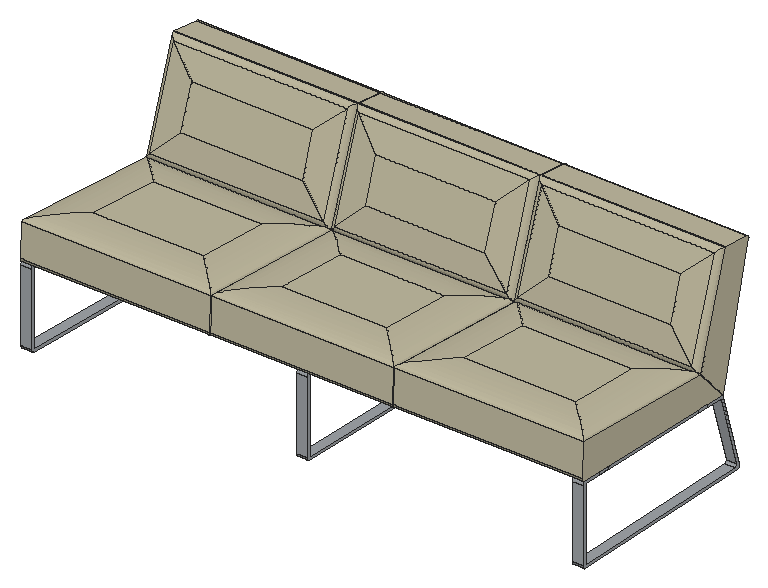
Revit family
Parameters
  URL = "http://www.martinbrattrud.com"
  SCS Certified Product = "Yes"
  Model = "Serif 530-80"
  Manufacturer = "Martin Brattrud, Inc."
  Keynote = "125000"
  Copyright = "© 2013 Martin Brattrud, Inc."
  Chair [instance] = none
  Arms [instance] = none
  Authoring Version = "Revit Architecture 2010"
  Assembly Code = "E2020200"
Reference planes (in)
  plane 1 "Center Front/Back": y = 0
  plane 2: z = 0
  plane 3 "Center Left/Right": x = 0
  plane 4 "seattop": through (0, -14.39489, 16.25041) normal (0, -0.0506, -0.9987)
Forms (in)
  Extrusion 1, solid, material <- "Arms"
    sketch origin (0, 0, 0) x (0, 1, 0) y (0, 0, 1)
      loop
        line (8.33058, 10.8183) -> (6.83085, 10.84679) -> (6.82362, 10.46894) -> (8.32334, 10.44022) -> (8.33058, 10.8183)
      loop
        line (-9.8957, 11.16446) -> (-11.39543, 11.19294) -> (-11.40261, 10.81747) -> (-9.90289, 10.78876) -> (-9.8957, 11.16446)
    from -39.02767 to 40
  Extrusion 2, solid, material <- "Chair"
    sketch origin (0, 0, 0) x (0, 1, 0) y (0, 0, 1)
      loop
        line (15.6877, 29.02419) -> (11.81326, 29.36315) -> (7.1417, 15.15946) -> (11.33004, 10.76134) -> (15.94697, 28.65756)
        arc (15.94697, 28.65756) -> (15.90229, 28.90095) -> (15.6877, 29.02419) r 0.29424
    from -40 to -13
  Extrusion 3, solid, material <- "Chair"
    sketch origin (0, 0, 0) x (0, 1, 0) y (0, 0, 1)
      loop
        line (11.33004, 10.76134) -> (7.1417, 15.15946) -> (-14.39489, 16.25041) -> (-14.59173, 11.63759)
        arc (-14.59173, 11.63759) -> (-14.49028, 11.36473) -> (-14.22419, 11.24667) r 0.375
        line (-14.22419, 11.24667) -> (11.33004, 10.76134)
    from -42.0209 to -13.00089
  Sweep 4, solid, material <- "Chair"
    path in 3D
      loop
        line (-40.04345, -14.39489, 16.25041) -> (-39.41499, 7.1417, 15.15946) -> (-13.00089, 7.1417, 15.15946) -> (-13.00089, -14.39489, 16.25041) -> (-40.04345, -14.39489, 16.25041)
    profile origin (-26.52217, -14.39489, 16.25041) x (0, -0.042634, -0.999091) y (0, -0.999091, 0.042634)
      loop
        spline (0.00025, -0.03124) -> (-0.13005, -0.07829) -> (-0.25739, -0.21883) -> (-0.37959, -0.45044) -> (-0.49456, -0.76916) -> (-0.60031, -1.16953) -> (-0.69505, -1.64466) -> (-0.77714, -2.18643) -> (-0.84518, -2.78555) -> (-0.898, -3.43173) -> (-0.9347, -4.11391) -> (-0.95464, -4.82038) -> (-0.95749, -5.53904)
        line (-0.95749, -5.53904) -> (-0.92164, -10.0389) -> (0.07991, -10.03092) -> (0.00025, -0.03124)
  Sweep 5, solid, material <- "Chair"
    path in 3D
      loop
        line (-39.2465, 11.81326, 29.36315) -> (-39.38282, 7.1417, 15.15946) -> (-13, 7.1417, 15.15946) -> (-13, 11.81326, 29.36315) -> (-39.2465, 11.81326, 29.36315)
    profile origin (-26.12325, 11.81326, 29.36315) x (0, -0.312433, -0.94994) y (0, -0.94994, 0.312433)
      loop
        line (0.03213, 0) -> (4.494, 0) -> (4.494, 1.13082)
        arc (4.494, 1.13082) -> (2.64167, 1.03773) -> (0.80801, 0.7594) r 18.47556
        arc (0.80801, 0.7594) -> (0.30805, 0.49416) -> (0.03213, 0) r 1
  Extrusion 6, solid, material <- "Chair"
    sketch origin (-15.03217, 0.78423, 15.4815) x (0, -0.998719, 0.050591) y (-1, 0, 0)
      loop
        line (3.66562, 7.99996) -> (5.16734, 7.99996) -> (5.16734, 14.97277) -> (3.66562, 14.92901) -> (3.66562, 7.99996)
    from -1.00158 to 0
  Extrusion 7, solid, material <- "Chair"
    sketch origin (-15.03217, 1.73815, -0.57167) x (0, -0.312433, -0.94994) y (-1, 0, 0)
      loop
        line (-27.09008, 2.46183) -> (-21.12588, 2.46183) -> (-21.12588, 19.81549) -> (-27.09008, 19.76111) -> (-27.09008, 2.46183)
    from -0.9127 to 0.21812
  Extrusion 8, void
    sketch origin (0, 0, 0) x (1, 0, 0) y (0, 1, 0)
      loop
        line (-40.13655, -18.68777) -> (-39.02767, 19.31223) -> (-43.65293, 19.31223) -> (-43.65293, -18.68777) -> (-40.13655, -18.68777)
      loop
        line (40.18766, -18.68777) -> (43.70404, -18.68777) -> (43.70404, 19.31223) -> (39.07878, 19.31223) -> (40.18766, -18.68777)
    from 8.87704 to 31.05989
  Extrusion 9, solid, material <- "Chair"
    sketch origin (0, 0, 0) x (0, 1, 0) y (0, 0, -1)
      loop
        arc (15.6877, -29.02419) -> (15.90229, -28.90095) -> (15.94697, -28.65756) r 0.29424
        line (15.94697, -28.65756) -> (11.33004, -10.76134) -> (7.1417, -15.15946) -> (11.81326, -29.36315) -> (15.6877, -29.02419)
    from -40 to -13
  Extrusion 10, solid, material <- "Chair"
    sketch origin (0, 0, 0) x (0, 1, 0) y (0, 0, -1)
      loop
        line (11.33004, -10.76134) -> (-14.22419, -11.24667)
        arc (-14.22419, -11.24667) -> (-14.49028, -11.36473) -> (-14.59173, -11.63759) r 0.375
        line (-14.59173, -11.63759) -> (-14.39489, -16.25041) -> (7.1417, -15.15946) -> (11.33004, -10.76134)
    from -40.6667 to -13.00089
  Sweep 11, solid, material <- "Chair"
    path in 3D
      loop
        line (40.09456, -14.39489, 16.25041) -> (39.4661, 7.1417, 15.15946) -> (13.00089, 7.1417, 15.15946) -> (13.00089, -14.39489, 16.25041) -> (40.09456, -14.39489, 16.25041)
    profile origin (26.54772, -14.39489, 16.25041) x (0, 0.042634, 0.999091) y (0, -0.999091, 0.042634)
      loop
        line (-0.00025, -0.03124) -> (-0.07991, -10.03092) -> (0.92164, -10.0389) -> (0.95749, -5.53904)
        spline (0.95749, -5.53904) -> (0.95464, -4.82038) -> (0.9347, -4.11391) -> (0.898, -3.43173) -> (0.84518, -2.78555) -> (0.77714, -2.18643) -> (0.69505, -1.64466) -> (0.60031, -1.16953) -> (0.49456, -0.76916) -> (0.37959, -0.45044) -> (0.25739, -0.21883) -> (0.13005, -0.07829) -> (-0.00025, -0.03124)
  Sweep 12, solid, material <- "Chair"
    path in 3D
      loop
        line (39.29761, 11.81326, 29.36315) -> (39.43393, 7.1417, 15.15946) -> (13, 7.1417, 15.15946) -> (13, 11.81326, 29.36315) -> (39.29761, 11.81326, 29.36315)
    profile origin (26.14881, 11.81326, 29.36315) x (0, 0.312433, 0.94994) y (0, -0.94994, 0.312433)
      loop
        arc (-0.03213, 0) -> (-0.30805, 0.49416) -> (-0.80801, 0.7594) r 1
        arc (-0.80801, 0.7594) -> (-2.64167, 1.03773) -> (-4.494, 1.13082) r 18.47556
        line (-4.494, 1.13082) -> (-4.494, 0) -> (-0.03213, 0)
  Extrusion 13, solid, material <- "Chair"
    sketch origin (15.03217, 0.78423, 15.4815) x (0, -0.998719, 0.050591) y (-1, 0, 0)
      loop
        line (3.66562, -7.99996) -> (3.66562, -14.68606) -> (5.16734, -14.72982) -> (5.16734, -7.99996) -> (3.66562, -7.99996)
    from -1.00158 to 0
  Extrusion 14, solid, material <- "Chair"
    sketch origin (15.03217, 1.73815, -0.57167) x (0, -0.312433, -0.94994) y (-1, 0, 0)
      loop
        line (-27.09008, -2.46183) -> (-27.09008, -19.81223) -> (-21.12588, -19.8666) -> (-21.12588, -2.46183) -> (-27.09008, -2.46183)
    from -0.9127 to 0.21812
  Extrusion 15, solid, material <- "Chair"
    sketch origin (27.6666, 0, 0) x (0, 1, 0) y (0, 0, 1)
      loop
        line (15.6877, 29.02419) -> (11.81326, 29.36315) -> (7.1417, 15.15946) -> (11.33004, 10.76134) -> (15.94697, 28.65756)
        arc (15.94697, 28.65756) -> (15.90229, 28.90095) -> (15.6877, 29.02419) r 0.29424
    from -40.6666 to -14.6666
  Extrusion 16, solid, material <- "Chair"
    sketch origin (27.6666, 0, 0) x (0, 1, 0) y (0, 0, 1)
      loop
        line (11.33004, 10.76134) -> (7.1417, 15.15946) -> (-14.39489, 16.25041) -> (-14.59173, 11.63759)
        arc (-14.59173, 11.63759) -> (-14.49028, 11.36473) -> (-14.22419, 11.24667) r 0.375
        line (-14.22419, 11.24667) -> (11.33004, 10.76134)
    from -40.66749 to -14.66571
  Sweep 17, solid, material <- "Chair"
    path in 3D
      loop
        line (-13.00089, -14.39489, 16.25041) -> (-13.00089, 7.1417, 15.15946) -> (13.00089, 7.1417, 15.15946) -> (13.00089, -14.39489, 16.25041) -> (-13.00089, -14.39489, 16.25041)
    profile origin (0, -14.39489, 16.25041) x (0, -0.042634, -0.999091) y (0, -0.999091, 0.042634)
      loop
        spline (0.00025, -0.03124) -> (-0.13005, -0.07829) -> (-0.25739, -0.21883) -> (-0.37959, -0.45044) -> (-0.49456, -0.76916) -> (-0.60031, -1.16953) -> (-0.69505, -1.64466) -> (-0.77714, -2.18643) -> (-0.84518, -2.78555) -> (-0.898, -3.43173) -> (-0.9347, -4.11391) -> (-0.95464, -4.82038) -> (-0.95749, -5.53904)
        line (-0.95749, -5.53904) -> (-0.92164, -10.0389) -> (0.07991, -10.03092) -> (0.00025, -0.03124)
  Sweep 18, solid, material <- "Chair"
    path in 3D
      loop
        line (-13, 11.81326, 29.36315) -> (-13, 7.1417, 15.15946) -> (13, 7.1417, 15.15946) -> (13, 11.81326, 29.36315) -> (-13, 11.81326, 29.36315)
    profile origin (0, 11.81326, 29.36315) x (0, -0.312433, -0.94994) y (0, -0.94994, 0.312433)
      loop
        line (0.03213, 0) -> (4.494, 0) -> (4.494, 1.13082)
        arc (4.494, 1.13082) -> (2.64167, 1.03773) -> (0.80801, 0.7594) r 18.47556
        arc (0.80801, 0.7594) -> (0.30805, 0.49416) -> (0.03213, 0) r 1
  Extrusion 19, solid, material <- "Chair"
    sketch origin (12.63443, 0.78423, 15.4815) x (0, -0.998719, 0.050591) y (-1, 0, 0)
      loop
        line (3.66562, 8.83237) -> (5.16734, 8.83237) -> (5.16734, 16.48026) -> (3.66562, 16.43649) -> (3.66562, 8.83237)
    from -1.00158 to 0
  Extrusion 20, solid, material <- "Chair"
    sketch origin (12.63443, 1.73815, -0.57167) x (0, -0.312433, -0.94994) y (-1, 0, 0)
      loop
        line (-27.09008, 4.12843) -> (-21.12588, 4.12843) -> (-21.12588, 21.14043) -> (-27.09008, 21.14043) -> (-27.09008, 4.12843)
    from -0.9127 to 0.21812
  Extrusion 21, solid, material <- "Arms"
    sketch origin (0.74963, -0.0017, 48) x (-0.000026, -1, 0) y (0, 0, 1)
      loop
        arc (-10.78246, -37.60442) -> (-10.92834, -37.65482) -> (-11.01683, -37.78128) r 0.25
        line (-11.01683, -37.78128) -> (-13.92757, -47.30191)
        arc (-13.92757, -47.30191) -> (-13.88946, -47.52371) -> (-13.6885, -47.625) r 0.25
        line (-13.6885, -47.625) -> (13.83268, -47.625)
        arc (13.83268, -47.625) -> (14.00946, -47.55178) -> (14.08268, -47.375) r 0.25
        line (14.08268, -47.375) -> (14.08268, -37.38394)
        arc (14.08268, -37.38394) -> (14.02722, -37.22692) -> (13.88545, -37.13957) r 0.25
        line (13.88545, -37.13957) -> (-10.78246, -37.60442)
      loop
        arc (-10.8797, -37.22946) -> (-11.17144, -37.33028) -> (-11.3484, -37.58319) r 0.5
        line (-11.3484, -37.58319) -> (-14.33558, -47.35381)
        arc (-14.33558, -47.35381) -> (-14.25935, -47.79741) -> (-13.85742, -48) r 0.5
        line (-13.85742, -48) -> (13.95768, -48)
        arc (13.95768, -48) -> (14.31124, -47.85355) -> (14.45768, -47.5) r 0.5
        line (14.45768, -47.5) -> (14.45768, -37.25894)
        arc (14.45768, -37.25894) -> (14.31742, -36.91168) -> (13.97533, -36.75925) r 0.5
        line (13.97533, -36.75925) -> (-10.8797, -37.22946)
    from 0 to 1.5
  Extrusion 22, solid, material <- "Arms"
    sketch origin (-38.09282, -0.02358, 48) x (-0.029169, -0.999575, 0) y (0, 0, 1)
      loop
        arc (-10.8621, -37.60957) -> (-10.97845, -37.66991) -> (-11.04828, -37.78082) r 0.25
        line (-11.04828, -37.78082) -> (-13.95917, -47.30191)
        arc (-13.95917, -47.30191) -> (-13.92106, -47.52371) -> (-13.72009, -47.625) r 0.25
        line (-13.72009, -47.625) -> (13.83268, -47.625)
        arc (13.83268, -47.625) -> (14.00946, -47.55178) -> (14.08268, -47.375) r 0.25
        line (14.08268, -47.375) -> (14.08268, -37.38306)
        arc (14.08268, -37.38306) -> (14.02288, -37.22081) -> (13.87209, -37.13618) r 0.25
        line (13.87209, -37.13618) -> (-10.8621, -37.60957)
      loop
        arc (-10.85736, -37.23088) -> (-11.18098, -37.31418) -> (-11.37985, -37.58273) r 0.5
        line (-11.37985, -37.58273) -> (-14.31102, -47.35637)
        arc (-14.31102, -47.35637) -> (-14.23323, -47.79848) -> (-13.83209, -48) r 0.5
        line (-13.83209, -48) -> (13.95768, -48)
        arc (13.95768, -48) -> (14.31124, -47.85355) -> (14.45768, -47.5) r 0.5
        line (14.45768, -47.5) -> (14.45768, -37.25806)
        arc (14.45768, -37.25806) -> (14.30785, -36.90115) -> (13.94816, -36.75815) r 0.5
        line (13.94816, -36.75815) -> (-10.85736, -37.23088)
    from 0 to 1.5
  Extrusion 23, solid, material <- "Arms"
    sketch origin (38.09282, -0.02358, 48) x (0.029169, -0.999575, 0) y (0, 0, -1)
      loop
        line (-10.8621, 37.60957) -> (13.87209, 37.13618)
        arc (13.87209, 37.13618) -> (14.02288, 37.22081) -> (14.08268, 37.38306) r 0.25
        line (14.08268, 37.38306) -> (14.08268, 47.375)
        arc (14.08268, 47.375) -> (14.00946, 47.55178) -> (13.83268, 47.625) r 0.25
        line (13.83268, 47.625) -> (-13.72009, 47.625)
        arc (-13.72009, 47.625) -> (-13.92106, 47.52371) -> (-13.95917, 47.30191) r 0.25
        line (-13.95917, 47.30191) -> (-11.04828, 37.78082)
        arc (-11.04828, 37.78082) -> (-10.97845, 37.66991) -> (-10.8621, 37.60957) r 0.25
      loop
        line (-10.85736, 37.23088) -> (13.94816, 36.75815)
        arc (13.94816, 36.75815) -> (14.30785, 36.90115) -> (14.45768, 37.25806) r 0.5
        line (14.45768, 37.25806) -> (14.45768, 47.5)
        arc (14.45768, 47.5) -> (14.31124, 47.85355) -> (13.95768, 48) r 0.5
        line (13.95768, 48) -> (-13.83209, 48)
        arc (-13.83209, 48) -> (-14.23323, 47.79848) -> (-14.31102, 47.35637) r 0.5
        line (-14.31102, 47.35637) -> (-11.37985, 37.58273)
        arc (-11.37985, 37.58273) -> (-11.18098, 37.31418) -> (-10.85736, 37.23088) r 0.5
    from 0 to 1.5
Cuts and joins
  joined: Sweep 4, Extrusion 6
  joined: Sweep 5, Extrusion 7
  Extrusion 8 cuts Extrusion 1
  joined: Extrusion 1, Extrusion 21
  joined: Sweep 12, Extrusion 14
  joined: Sweep 11, Extrusion 13
  Extrusion 8 cuts Extrusion 9
  Extrusion 8 cuts Extrusion 10
  Extrusion 8 cuts Extrusion 2
  Extrusion 8 cuts Extrusion 3
  joined: Sweep 18, Extrusion 20
  joined: Sweep 17, Extrusion 19
Lines and regions (in)
  sketch lines
    curve 1: line (-13.00089, -14.39489, 16.25041) -> (-40.04345, -14.39489, 16.25041)
    curve 2: line (-39.41499, 7.1417, 15.15946) -> (-40.04345, -14.39489, 16.25041)
    curve 3: line (-13.00089, 7.1417, 15.15946) -> (-39.41499, 7.1417, 15.15946)
    curve 4: line (-13, 11.81326, 29.36315) -> (-39.2465, 11.81326, 29.36315)
    curve 5: line (-13, 7.1417, 15.15946) -> (-39.38282, 7.1417, 15.15946)
    curve 6: line (13.00089, -14.39489, 16.25041) -> (40.09456, -14.39489, 16.25041)
    curve 7: line (39.4661, 7.1417, 15.15946) -> (40.09456, -14.39489, 16.25041)
    curve 8: line (13.00089, 7.1417, 15.15946) -> (39.4661, 7.1417, 15.15946)
    curve 9: line (13, 11.81326, 29.36315) -> (39.29761, 11.81326, 29.36315)
    curve 10: line (13, 7.1417, 15.15946) -> (39.43393, 7.1417, 15.15946)
    curve 11: line (-13, 7.1417, 15.15946) -> (-13, 11.81326, 29.36315)
    curve 12: line (-13.00089, -14.39489, 16.25041) -> (-13.00089, 7.1417, 15.15946)
    curve 13: line (13.00089, -14.39489, 16.25041) -> (-13.00089, -14.39489, 16.25041)
    curve 14: line (13.00089, 7.1417, 15.15946) -> (-13.00089, 7.1417, 15.15946)
    curve 15: line (13, 11.81326, 29.36315) -> (-13, 11.81326, 29.36315)
    curve 16: line (13, 7.1417, 15.15946) -> (-13, 7.1417, 15.15946)
    curve 17: line (-13, 7.1417, 15.15946) -> (-13, 11.81326, 29.36315)
    curve 18: line (-13.00089, -14.39489, 16.25041) -> (-13.00089, 7.1417, 15.15946)
    curve 19: line (13, 11.81326, 29.36315) -> (13, 7.1417, 15.15946)
    curve 20: line (13.00089, 7.1417, 15.15946) -> (13.00089, -14.39489, 16.25041)
    curve 21: line (39.43393, 7.1417, 15.15946) -> (39.29761, 11.81326, 29.36315)
    curve 22: line (-39.2465, 11.81326, 29.36315) -> (-39.38282, 7.1417, 15.15946)
    curve 23: line (13.00089, 7.1417, 15.15946) -> (13.00089, -14.39489, 16.25041)
    curve 24: line (13, 11.81326, 29.36315) -> (13, 7.1417, 15.15946)
